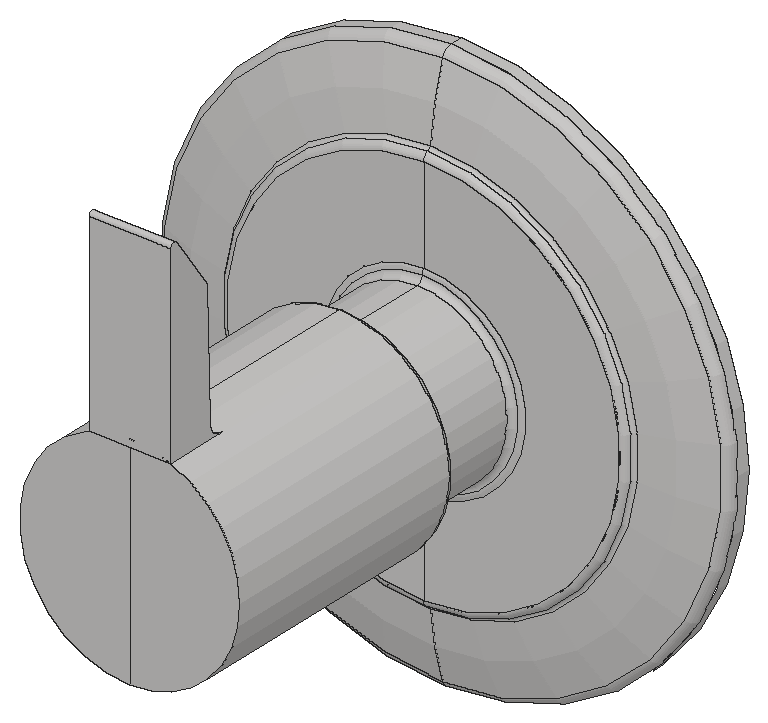
Revit family "Delta Bath Compel 11861", category Plumbing Fixtures, host Wall, Revit 2013
Parameters (values of type "Delta Bath Compel 11861")
  URL = "http://www.deltafaucet.com"
  Tap = Stainless Steel
  Model = "11861"
  Manufacturer = "Delta"
Reference planes (in)
  plane 1: y = 0
  plane 2 "Center (Left/Right)": x = 0
  plane 3 "Wall Edge": y = 3
Text (in)
  text "Placement Side" at (0, 40.15149, 123.01588), in view "Right"
  text "Placement Side" at (-70.3804, 28.46503, 0), in view "Ref. Level"
  text "Placement Side" at (0, 81.62555, 140.59947), in view "Left"
Dimensions and locks (in)
  locked: plane 3 "Wall Edge" to host wall
  aligned and locked: host wall to nested 1
Nested families (in)
  nested 1: "Delta Bath Compel 11861" at (0, -3, 23.75), type "Delta Bath Compel 11861"
Connectors (in)
  piping at (0, -3, 26)
    settings: on nested 1, index 1, connector radius 12", flow factor 0, pipe flow 0 GPM, pressure drop 0.00 psi, fitting loss kfactor 0, connector angle 0.00°, fixture units 0, engagement length 0' - 0", flow configuration 0, flow direction 0, fitting loss method 0, system type 7, joint type 0, gender type 0, connector reference index -1, connector utility 0, adjustable connector no, is connector primary yes, fitting loss table "", connector description ""
  piping at (0, -3, 26)
    settings: on nested 1, index 2, connector radius 12", flow factor 0, pipe flow 0 GPM, pressure drop 0.00 psi, fitting loss kfactor 0, connector angle 0.00°, fixture units 0, engagement length 0' - 0", flow configuration 0, flow direction 0, fitting loss method 0, system type 7, joint type 0, gender type 0, connector reference index -1, connector utility 0, adjustable connector no, is connector primary no, fitting loss table "", connector description ""
  piping at (0, -3, 26)
    settings: on nested 1, index 3, connector radius 12", flow factor 0, pipe flow 0 GPM, pressure drop 0.00 psi, fitting loss kfactor 0, connector angle 0.00°, fixture units 0, engagement length 0' - 0", flow configuration 0, flow direction 0, fitting loss method 0, system type 7, joint type 0, gender type 0, connector reference index -1, connector utility 0, adjustable connector no, is connector primary no, fitting loss table "", connector description ""
Definition of nested family "Delta Bath Compel 11861"
  Parameters (values of type "Delta Bath Compel 11861")
    logo = logo
    URL = "http://www.deltafaucet.com"
    Tap = Stainless Steel
    Model = "Delta Bath Compel 11861"
    Manufacturer = "Delta"
  Reference planes (in)
    plane 1 "Center (Front/Back)": y = 0
    plane 2: z = 0
    plane 3 "Center (Left/Right)": x = 0
  Forms (in)
    Revolve 1, solid, material "Stainless Steel" <- "Tap"
      sketch origin (0, -8.86778, -9.96496) x (0, 1, 0) y (0, 0, 1)
        loop
          line (8.86778, 12.21496) -> (8.86778, 14.46496) -> (8.76949, 14.46496)
          arc (8.76949, 14.46496) -> (8.71801, 14.44878) -> (8.68503, 14.40606) r 0.09
          arc (8.68503, 14.40606) -> (8.60487, 14.12761) -> (8.56578, 13.8405) r 2
          arc (8.56578, 13.8405) -> (8.55884, 13.82313) -> (8.54297, 13.81324) r 0.03
          arc (8.54297, 13.81324) -> (8.5104, 13.79247) -> (8.49724, 13.75616) r 0.06
          line (8.49724, 13.75616) -> (8.49724, 12.21496) -> (8.86778, 12.21496)
        axis (8.49724, 12.21496) -> (8.86778, 12.21496)
      angle from 0 to 360
    Revolve 2, solid, material "Stainless Steel" <- "Tap"
      sketch origin (0, -8.86778, -9.96496) x (0, 1, 0) y (0, 0, 1)
        loop
          line (7.69778, 12.91496) -> (7.69778, 12.21496) -> (8.49724, 12.21496) -> (8.49724, 13.01266)
          arc (8.49724, 13.01266) -> (8.49017, 12.98928) -> (8.48778, 12.96496) r 0.125
          arc (8.48778, 12.96496) -> (8.47314, 12.9296) -> (8.43778, 12.91496) r 0.05
          line (8.43778, 12.91496) -> (7.69778, 12.91496)
        axis (7.69778, 12.21496) -> (8.49724, 12.21496)
      angle from 0 to 360
    Revolve 3, solid, material "Stainless Steel" <- "Tap"
      sketch origin (0, -8.86778, -9.96496) x (0, 1, 0) y (0, 0, 1)
        loop
          line (7.69778, 12.21387) -> (5.61778, 12.21387) -> (5.61778, 11.34996) -> (7.67174, 11.34996)
          arc (7.67174, 11.34996) -> (7.69015, 11.35759) -> (7.69778, 11.37601) r 0.02605
          line (7.69778, 11.37601) -> (7.69778, 12.21387)
        axis (7.69778, 12.21387) -> (5.61778, 12.21387)
      angle from 0 to 360
    Extrusion 4, solid, material "Stainless Steel" <- "Tap"
      sketch origin (-0.26941, -8.86778, -9.96496) x (0, 1, 0) y (0, 0, 1)
        loop
          line (5.9635, 14.12559) -> (5.67236, 14.54139)
          arc (5.67236, 14.54139) -> (5.63876, 14.55279) -> (5.61778, 14.52418) r 0.03
          line (5.61778, 14.52418) -> (5.61778, 13.0171) -> (6.11649, 13.0171)
          arc (6.11649, 13.0171) -> (6.02937, 13.05246) -> (5.99154, 13.13855) r 0.125
          line (5.99154, 13.13855) -> (5.9635, 14.12559)
      from -0.04782 to 0.59385
  Dimensions and locks (in)
    aligned and locked: level to plane 2
